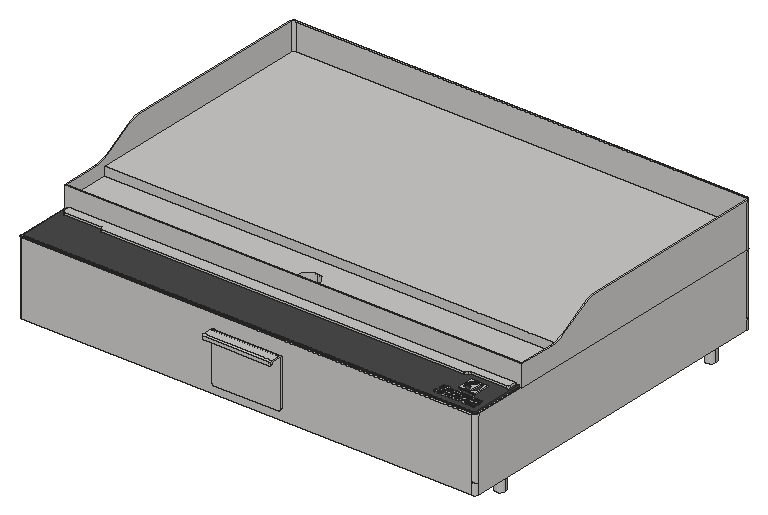
Revit family "QF_ELECTROLUXPROFESSIONAL_600887_E1IREDOMES", category Specialty Equipment, Revit 2018 (continued)
Automatic sketch dimensions
  curve 115 to curve 115 = 1.514 mm
  curve 138 to curve 136 = 0.744 mm
  curve 180 to curve 179 = 2.384 mm
  curve 149 to curve 146 = 0.159 mm
  curve 149 to curve 149 = 0.205 mm
  curve 149 to curve 147 = 0.184 mm
  curve 184 to curve 178 = 0.416 mm
  curve 186 to curve 190 = 1.417 mm
  curve 193 to curve 192 = 1.705 mm
  curve 179 to curve 187 = 1.007 mm
  curve 111 to curve 128 = 0.014 mm
  curve 147 to curve 162 = 0 mm
  curve 192 to curve 191 = 2.596 mm
  curve 178 to curve 173 = 2.967 mm
  curve 186 to curve 187 = 1.947 mm
  curve 187 to curve 288 = 5.017 mm
  curve 290 to curve 288 = 0 mm
  curve 276 to curve 263 = 2.24 mm
  curve 190 to curve 303 = 5.017 mm
  curve 251 to curve 252 = 3.019 mm
  curve 110 to curve 202 = 5.032 mm
  curve 238 to curve 239 = 0 mm
  curve 220 to curve 214 = 2.55 mm
  curve 287 to curve 299 = 0.001 mm
  curve 257 to curve 252 = 1.576 mm
  curve 268 to curve 263 = 1.576 mm
  curve 222 to curve 219 = 0.525 mm
  curve 207 to curve 209 = 0.735 mm
  curve 229 to curve 235 = 0.8 mm
  curve 239 to curve 248 = 0.8 mm
  curve 255 to curve 259 = 1.202 mm
  curve 270 to curve 270 = 1.202 mm
  curve 255 to curve 257 = 0.112 mm
  curve 266 to curve 268 = 0.112 mm
  curve 292 to curve 301 = 1.265 mm
  curve 219 to curve 223 = 0.018 mm
  curve 209 to curve 210 = 0.543 mm
  curve 210 to curve 206 = 0.022 mm
  curve 290 to curve 285 = 1.444 mm
  curve 235 to curve 234 = 0.8 mm
  curve 249 to curve 246 = 0.8 mm
  curve 226 to curve 218 = 0.261 mm
  curve 282 to curve 281 = 1.969 mm
  curve 258 to curve 259 = 0.061 mm
  curve 269 to curve 270 = 0.061 mm
  curve 269 to curve 267 = 0.035 mm
  curve 258 to curve 256 = 0.035 mm
  curve 300 to curve 302 = 1.018 mm
  curve 234 to curve 232 = 0.8 mm
  curve 246 to curve 245 = 0.8 mm
  curve 284 to curve 290 = 1.076 mm
  curve 245 to curve 244 = 0.134 mm
  curve 244 to curve 240 = 0.112 mm
  curve 253 to curve 260 = 0.324 mm
  curve 264 to curve 271 = 0.324 mm
  curve 301 to curve 295 = 0.767 mm
  curve 307 to curve 306 = 3.091 mm
  curve 214 to curve 214 = 1.341 mm
  curve 276 to curve 277 = 3.891 mm
  curve 305 to curve 304 = 0.8 mm
  curve 215 to curve 216 = 1.341 mm
  curve 284 to curve 282 = 2.447 mm
  curve 231 to curve 229 = 1.491 mm
  curve 289 to curve 285 = 1.371 mm
  curve 204 to curve 204 = 1.319 mm
  curve 295 to curve 298 = 0.84 mm
  curve 294 to curve 292 = 0.84 mm
  curve 263 to curve 265 = 3.506 mm
  curve 252 to curve 254 = 3.506 mm
  curve 278 to curve 278 = 2.065 mm
  curve 278 to curve 281 = 0.776 mm
  curve 171 to curve 167 = 1.19 mm
  curve 166 to curve 169 = 1.912 mm
  curve 265 to curve 267 = 0.355 mm
  curve 263 to curve 271 = 0.263 mm
  curve 266 to curve 267 = 0 mm
  curve 253 to curve 257 = 0.355 mm
  curve 252 to curve 260 = 0.263 mm
  curve 255 to curve 256 = 0 mm
  curve 138 to curve 139 = 1.111 mm
  curve 227 to curve 225 = 2.065 mm
  curve 227 to curve 226 = 0.776 mm
  curve 140 to curve 132 = 1.055 mm
  plane 12 to curve 36 = 84 mm
  curve 309 to curve 309 = 19 mm
  plane 12 to curve 311 = 2 mm
  Extrusion 11 sketch curve to Extrusion 11 sketch curve = 80 mm
  Extrusion 11 sketch curve to plane 19 = 149 mm
  radius of Extrusion 5 sketch curve = 9 mm  (x4)
  radius of Extrusion 6 sketch curve = 10 mm
  radius of Extrusion 14 sketch curve = 19 mm
Nested families
  nested 1: "ELX_Logo_Professional" at (-164.269, -185.263, 916), visible <- "Show Logo", type "ELX_Logo_Professional"
Connectors
  electrical at (-514.269, 146.737, 778.028)
    settings: on Extrusion 6, index 1, voltage 0 V, apparent load 0 VA, apparent load phase1 0 VA, apparent load phase2 0 VA, apparent load phase3 0 VA, power factor 1, load classification "Altro", number of poles 1, system type 30, power factor state 1, is connector primary yes, connector utility no, sub classification motor no, connector description "Electrical"
Definition of nested family "ELX_Logo_Professional"
  Parameters (values of type "ELX_Logo_Professional")
    Default Elevation = 0 mm
  Reference planes
    plane 1 "Centro (Fronte/Retro)": y = 0
    plane 2: z = 0
    plane 3 "Centro (Sinistra/Destra)": x = 0
  Forms (mm)
    Extrusion 1, solid
      sketch origin (0, 0, 0) x (1, 0, 0) y (0, 1, 0)
        loop
          line (-1219.2, 1219.2) -> (-1219.2, -1219.2) -> (1219.2, -1219.2) -> (1219.2, 1219.2) -> (-1219.2, 1219.2)
      from 0 to -304.8
    Extrusion 2, solid
      sketch origin (-144.622, -1081.55, 0) x (-1, 0, 0) y (0, -1, 0)
        loop
          line (-130.265, -1113.361) -> (-130.265, -1084.645) -> (-158.979, -1084.645) -> (-158.979, -1113.361) -> (-130.265, -1113.361)
        loop
          arc (-146.24, -1106.937) -> (-147.076, -1109.166) -> (-147.324, -1111.534) r 9.395
          arc (-147.324, -1111.534) -> (-145.139, -1111.806) -> (-142.939, -1111.706) r 13.008
          line (-142.939, -1111.706) -> (-141.329, -1111.382) -> (-139.8, -1110.859) -> (-138.364, -1110.152) -> (-137.035, -1109.277) -> (-135.826, -1108.249) -> (-134.751, -1107.081) -> (-133.821, -1105.789) -> (-133.05, -1104.389) -> (-132.452, -1102.893) -> (-132.039, -1101.318) -> (-131.824, -1099.675) -> (-134.539, -1099.675) -> (-136.155, -1099.784) -> (-137.741, -1100.101) -> (-139.277, -1100.613) -> (-140.74, -1101.304) -> (-142.111, -1102.159) -> (-143.367, -1103.165) -> (-144.488, -1104.306) -> (-145.453, -1105.568) -> (-146.24, -1106.937)
        loop
          line (-148.67, -1086.844) -> (-150.173, -1087.464) -> (-151.57, -1088.253) -> (-152.847, -1089.196) -> (-153.992, -1090.281) -> (-154.994, -1091.494) -> (-155.841, -1092.821) -> (-156.519, -1094.25) -> (-157.018, -1095.766) -> (-157.324, -1097.357) -> (-157.427, -1099.009) -> (-157.315, -1100.685) -> (-156.998, -1102.296) -> (-156.488, -1103.827) -> (-155.799, -1105.265) -> (-154.946, -1106.596) -> (-153.94, -1107.806) -> (-152.796, -1108.882) -> (-151.528, -1109.81) -> (-150.148, -1110.576) -> (-148.67, -1111.167) -> (-148.67, -1086.844)
        loop
          arc (-147.323, -1086.473) -> (-147.041, -1088.83) -> (-146.239, -1091.065) r 10.532
          line (-146.239, -1091.065) -> (-145.452, -1092.432) -> (-144.488, -1093.693) -> (-143.367, -1094.833) -> (-142.111, -1095.838) -> (-140.741, -1096.693) -> (-139.278, -1097.383) -> (-137.743, -1097.894) -> (-136.157, -1098.211) -> (-134.541, -1098.32) -> (-131.822, -1098.32) -> (-131.976, -1096.81) -> (-132.312, -1095.353) -> (-132.818, -1093.961) -> (-133.481, -1092.644) -> (-134.291, -1091.416) -> (-135.235, -1090.288) -> (-136.302, -1089.272) -> (-137.48, -1088.379) -> (-138.757, -1087.622) -> (-140.121, -1087.012) -> (-141.56, -1086.561) -> (-143.063, -1086.281) -> (-144.633, -1086.183)
          arc (-144.633, -1086.183) -> (-145.985, -1086.264) -> (-147.323, -1086.473) r 14.39
        loop
          line (-111.329, -1069.559) -> (-111.329, -1071.073) -> (-116.048, -1071.073) -> (-116.048, -1072.896) -> (-111.328, -1072.896) -> (-111.328, -1075.549) -> (-116.349, -1075.549) -> (-116.349, -1077.368) -> (-109.396, -1077.368) -> (-109.396, -1073.46) -> (-109.396, -1069.659)
          arc (-109.396, -1069.659) -> (-110.425, -1067.175) -> (-112.909, -1066.146) r 3.513
          line (-112.909, -1066.146) -> (-116.483, -1066.146) -> (-116.483, -1067.963) -> (-112.925, -1067.963)
          arc (-112.925, -1067.963) -> (-111.797, -1068.431) -> (-111.329, -1069.559) r 1.596
        loop
          line (-119.79, -1077.358) -> (-117.856, -1077.358) -> (-117.856, -1072.053) -> (-117.856, -1066.132) -> (-119.79, -1066.132) -> (-119.79, -1072.092) -> (-119.79, -1077.358)
        loop
          line (-122.986, -1069.718) -> (-129.327, -1069.718)
          arc (-129.327, -1069.718) -> (-129.219, -1071.449) -> (-128.497, -1073.026) r 4.757
          arc (-128.497, -1073.026) -> (-125.237, -1074.5) -> (-121.978, -1073.026) r 4.34
          arc (-121.978, -1073.026) -> (-121.072, -1070.207) -> (-121.978, -1067.388) r 4.838
          arc (-121.978, -1067.388) -> (-125.393, -1065.933) -> (-128.809, -1067.388) r 4.737
          line (-128.809, -1067.388) -> (-127.645, -1068.52)
          arc (-127.645, -1068.52) -> (-125.509, -1067.576) -> (-123.374, -1068.52) r 2.888
          arc (-123.374, -1068.52) -> (-123.05, -1069.077) -> (-122.986, -1069.718) r 1.527
        loop
          arc (-127.386, -1071.076) -> (-126.67, -1072.331) -> (-125.331, -1072.872) r 2.201
          arc (-125.331, -1072.872) -> (-123.848, -1072.402) -> (-123.033, -1071.076) r 2.23
          line (-123.033, -1071.076) -> (-127.386, -1071.076)
        loop
          line (-136.862, -1071.886) -> (-138.059, -1073.132)
          arc (-138.059, -1073.132) -> (-130.327, -1070.219) -> (-138.059, -1067.306) r 4.415
          line (-138.059, -1067.306) -> (-136.862, -1068.553)
          arc (-136.862, -1068.553) -> (-132.252, -1070.22) -> (-136.862, -1071.886) r 2.606
        loop
          line (-141.192, -1069.673) -> (-141.192, -1072.494) -> (-142.951, -1072.494) -> (-142.951, -1074.25) -> (-141.195, -1074.25) -> (-141.195, -1077.358) -> (-139.262, -1077.358) -> (-139.262, -1073.332) -> (-139.262, -1069.514)
          arc (-139.262, -1069.514) -> (-140.299, -1066.92) -> (-142.98, -1066.132) r 3.196
          line (-142.98, -1066.132) -> (-142.987, -1067.949)
          arc (-142.987, -1067.949) -> (-141.652, -1068.356) -> (-141.192, -1069.673) r 1.542
        loop
          line (-146.494, -1073.042) -> (-146.494, -1074.25) -> (-144.576, -1074.25) -> (-144.576, -1070.271) -> (-144.576, -1066.132) -> (-146.494, -1066.132) -> (-146.494, -1070.401)
          arc (-146.494, -1070.401) -> (-147.446, -1072.228) -> (-149.489, -1072.494) r 2.229
          line (-149.489, -1072.494) -> (-149.489, -1074.362)
          arc (-149.489, -1074.362) -> (-147.761, -1074.226) -> (-146.494, -1073.042) r 2.627
        loop
          line (-159.833, -1072.246) -> (-159.833, -1066.131) -> (-161.767, -1066.131) -> (-161.767, -1072.17) -> (-161.767, -1077.359) -> (-159.833, -1077.359) -> (-159.833, -1072.246)
        loop
          line (-165.194, -1069.514) -> (-165.194, -1074.25) -> (-163.245, -1074.25) -> (-163.245, -1071.898) -> (-163.245, -1069.098)
          arc (-163.245, -1069.098) -> (-166.96, -1065.769) -> (-170.687, -1069.085) r 3.745
          line (-170.687, -1069.085) -> (-170.687, -1071.898) -> (-170.687, -1074.25) -> (-168.739, -1074.25) -> (-168.739, -1069.514)
          arc (-168.739, -1069.514) -> (-166.967, -1067.742) -> (-165.194, -1069.514) r 1.772
        loop
          line (-174.654, -1070.416) -> (-172.975, -1068.078) -> (-171.578, -1066.131) -> (-173.656, -1066.131) -> (-175.717, -1068.999) -> (-177.779, -1066.131) -> (-179.857, -1066.131) -> (-178, -1068.728) -> (-176.781, -1070.433) -> (-178.29, -1072.488) -> (-179.583, -1074.25) -> (-177.473, -1074.25) -> (-175.717, -1071.818) -> (-173.945, -1074.25) -> (-171.852, -1074.25) -> (-173.052, -1072.608) -> (-174.654, -1070.416)
        loop
          circle (-154.223, -1070.188) r 2.508
        loop
          circle (-154.223, -1070.188) r 4.42
        loop
          line (-110.224, -1058.542) -> (-111.194, -1058.542)
          arc (-111.194, -1058.542) -> (-112.217, -1059.95) -> (-110.924, -1061.114) r 1.3
          line (-110.924, -1061.114) -> (-109.424, -1061.114) -> (-109.424, -1057.223) -> (-110.224, -1057.223) -> (-110.224, -1058.542)
        loop
          line (-110.224, -1060.379) -> (-110.224, -1059.293) -> (-111.03, -1059.293)
          arc (-111.03, -1059.293) -> (-111.43, -1059.836) -> (-111.03, -1060.379) r 0.569
          line (-111.03, -1060.379) -> (-110.224, -1060.379)
        loop
          line (-116.302, -1058.564) -> (-117.128, -1058.564) -> (-117.934, -1057.223) -> (-118.841, -1057.223) -> (-117.833, -1058.884)
          arc (-117.833, -1058.884) -> (-118.214, -1060.282) -> (-117.028, -1061.114) r 1.26
          line (-117.028, -1061.114) -> (-115.503, -1061.114) -> (-115.503, -1057.223) -> (-116.302, -1057.223) -> (-116.302, -1058.564)
        loop
          line (-116.302, -1060.379) -> (-116.302, -1059.293) -> (-117.109, -1059.293)
          arc (-117.109, -1059.293) -> (-117.508, -1059.836) -> (-117.109, -1060.379) r 0.569
          line (-117.109, -1060.379) -> (-116.302, -1060.379)
        loop
          line (-128.923, -1057.223) -> (-129.723, -1057.223) -> (-129.723, -1058.714) -> (-131.187, -1058.714) -> (-131.187, -1059.514) -> (-129.723, -1059.514) -> (-129.723, -1060.314) -> (-131.327, -1060.314) -> (-131.327, -1061.114) -> (-128.923, -1061.114) -> (-128.923, -1057.223)
        loop
          arc (-134.628, -1058.469) -> (-134.992, -1057.588) -> (-135.874, -1057.223) r 1.246
          line (-135.874, -1057.223) -> (-137.13, -1057.223) -> (-137.13, -1058.023) -> (-135.969, -1058.023)
          arc (-135.969, -1058.023) -> (-135.53, -1058.237) -> (-135.427, -1058.714) r 0.558
          line (-135.427, -1058.714) -> (-136.984, -1058.714) -> (-136.984, -1059.514) -> (-135.427, -1059.514) -> (-135.427, -1060.314) -> (-137.092, -1060.314) -> (-137.092, -1061.114) -> (-134.628, -1061.114) -> (-134.628, -1058.469)
        loop
          line (-152.3, -1057.223) -> (-153.1, -1057.223) -> (-153.1, -1061.114) -> (-152.3, -1061.114) -> (-152.3, -1057.223)
        loop
          line (-164.67, -1057.223) -> (-164.67, -1059.67) -> (-166.45, -1057.223) -> (-167.25, -1057.223) -> (-167.25, -1061.114) -> (-166.42, -1061.114) -> (-166.42, -1058.594) -> (-164.64, -1061.114) -> (-163.84, -1061.114) -> (-163.84, -1057.223) -> (-164.67, -1057.223)
        loop
          line (-170.403, -1057.223) -> (-171.262, -1057.223) -> (-171.641, -1058.063) -> (-173.08, -1058.063) -> (-173.459, -1057.223) -> (-174.317, -1057.223) -> (-172.796, -1061.113) -> (-171.996, -1061.113) -> (-170.403, -1057.223)
        loop
          line (-177.493, -1057.223) -> (-179.789, -1057.223) -> (-179.789, -1058.023) -> (-178.293, -1058.023) -> (-178.293, -1061.114) -> (-177.493, -1061.114) -> (-177.493, -1057.223)
        loop
          line (-172.362, -1059.848) -> (-171.945, -1058.83) -> (-172.76, -1058.83) -> (-172.362, -1059.848)
        loop
          circle (-158.484, -1059.145) r 1.288
        loop
          circle (-158.484, -1059.145) r 2.065
        loop
          arc (-146.04, -1058.095) -> (-146.933, -1057.275) -> (-148.145, -1057.245) r 1.725
          arc (-148.145, -1057.245) -> (-148.965, -1058.02) -> (-148.68, -1059.111) r 1.107
          arc (-148.68, -1059.111) -> (-148.103, -1059.465) -> (-147.486, -1059.746) r 5.523
          arc (-147.486, -1059.746) -> (-147.147, -1060.262) -> (-147.708, -1060.52) r 0.407
          arc (-147.708, -1060.52) -> (-148.045, -1060.315) -> (-148.325, -1060.038) r 1.702
          line (-148.325, -1060.038) -> (-149.011, -1060.45)
          arc (-149.011, -1060.45) -> (-148.578, -1060.911) -> (-148.043, -1061.247) r 2.463
          arc (-148.043, -1061.247) -> (-146.373, -1060.466) -> (-147.42, -1058.949) r 1.207
          spline (-147.42, -1058.949) -> (-147.716, -1058.809) -> (-147.932, -1058.678) -> (-148.077, -1058.557) -> (-148.163, -1058.446) -> (-148.198, -1058.347) -> (-148.192, -1058.258) -> (-148.157, -1058.182) -> (-148.102, -1058.118) -> (-148.037, -1058.068) -> (-147.972, -1058.031) -> (-147.917, -1058.008) -> (-147.883, -1058)
          arc (-147.883, -1058) -> (-147.238, -1058.014) -> (-146.759, -1058.446) r 0.925
          line (-146.759, -1058.446) -> (-146.04, -1058.095)
        loop
          arc (-140.18, -1058.095) -> (-141.073, -1057.275) -> (-142.285, -1057.245) r 1.725
          arc (-142.285, -1057.245) -> (-143.106, -1058.02) -> (-142.821, -1059.111) r 1.107
          arc (-142.821, -1059.111) -> (-142.243, -1059.465) -> (-141.627, -1059.746) r 5.523
          arc (-141.627, -1059.746) -> (-141.287, -1060.262) -> (-141.849, -1060.52) r 0.407
          arc (-141.849, -1060.52) -> (-142.185, -1060.315) -> (-142.466, -1060.038) r 1.702
          line (-142.466, -1060.038) -> (-143.151, -1060.45)
          arc (-143.151, -1060.45) -> (-142.719, -1060.911) -> (-142.183, -1061.247) r 2.463
          arc (-142.183, -1061.247) -> (-140.513, -1060.466) -> (-141.56, -1058.949) r 1.207
          spline (-141.56, -1058.949) -> (-141.856, -1058.809) -> (-142.072, -1058.678) -> (-142.218, -1058.557) -> (-142.303, -1058.446) -> (-142.338, -1058.347) -> (-142.333, -1058.258) -> (-142.298, -1058.182) -> (-142.242, -1058.118) -> (-142.177, -1058.068) -> (-142.112, -1058.031) -> (-142.057, -1058.008) -> (-142.023, -1058)
          arc (-142.023, -1058) -> (-141.378, -1058.014) -> (-140.9, -1058.446) r 0.925
          line (-140.9, -1058.446) -> (-140.18, -1058.095)
        loop
          circle (-123.484, -1059.145) r 1.288
        loop
          circle (-123.484, -1059.145) r 2.065
      from 0 to 1.6
  Dimensions and locks
    aligned and locked: plane 2 to Extrusion 1
    aligned and locked: level to Extrusion 1
Types (2, lengths in mm): name | Volts | URL | Manufacturer | Phase | Model | Item Number | Description | Cycle
  (no name) | 0 V | "" | "" | 0 | "" | "" | "" | 0 Hz
  Standard | 380 V | "http://professional.electrolux.com" | "Electrolux Professional" | 3 | "E1IREDOMES" | "600887" | "PLUG-IN INDUCTION GRIDDLE XL, STAINLESS STEEL SMOOTH PLATE - 3-PHASE" | 60 Hz
